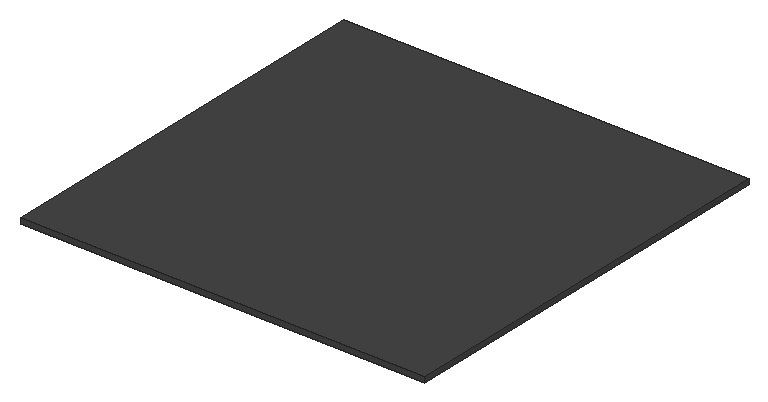
Revit family "Dachhalter Vlies", category HLS-Bauteile, Revit 2023
Family settings
  Bemaßung runder Anschluss = Durchmesser verwenden
  Klassifizierung = Keine
  Teiletyp = Normal
  Arbeitsebenenbasiert = Ja
  Immer vertikal = Nein
  Beim Laden mit Abzugskörper schneiden = Nein
  Beschriftungsausrichtung beibehalten = Nein
  Gemeinsam genutzt = Ja
  Raumberechnungspunkt = Nein
Parameters (values of type "Dachhalter Vlies 270")
  vpe = "1"
  passend für = "Dachhalter 45"
  max. Temperaturbeständigkeit = "220 °C"
  Default Elevation = 1219.2 mm
  Stärke = 3.5 mm
  Regelhalter [instance] = ""
  Mengeneinheit = "St"
  Materialname = "Polyester"
  Material = "Kunststoff"
  Länge = 270 mm
  Kurztext2 = "270 x 270 x 3,5 mm Polyester weiß"
  Kurztext1 = "Trennvlies 45"
  Gewicht pro Bauteil = Gewicht  # 0.031 kg
  Gewicht = 0.031 kg
  Farbe = "Weiß"
  Fabrikat = "MEFA"
  EAN = "4250928449320"
  Breite = 270 mm
  Baustoffklasse = "B1"
  Artikelnummer = "0819759701"
Types (4, lengths in mm): name | passend für | max. Temperaturbeständigkeit | Materialname | Länge | Kurztext2 | Kurztext1 | Gewicht pro Bauteil | Gewicht | Farbe | EAN | Breite | Baustoffklasse | Artikelnummer
  (no name) | "BIG FOOT® 400 und Dachhalter XL 80" | "" | "" | 270 | "600 x 600 x 3,5 mm weiß" | "Trennvlies 600" | 0.089 kg | 0.089 kg | "Weiß" | "4250928469434" | 270 | "" | "08197618"
  Dachhalter Vlies 600 | "BIG FOOT® 400 und Dachhalter XL 80" | "" | "" | 600 | "600 x 600 x 3,5 mm weiß" | "Trennvlies 600" | 0.089 kg | 0.089 kg | "Weiß" | "4250928469434" | 600 | "" | "08197618"
  Dachhalter Vlies 305 | "BIG FOOT® 305" | "" | "Polyester" | 345 | "345 x 345 x 3,5 mm Polyester schwarz" | "Trennvlies BIG FOOT® 305" | 0.03 kg | 0.03 kg | "Schwarz" | "4250928455604" | 345 | "" | "08197603"
  Dachhalter Vlies 270 | "Dachhalter 45" | "220 °C" | "Polyester" | 270 | "270 x 270 x 3,5 mm Polyester weiß" | "Trennvlies 45" | 0.031 kg | 0.031 kg | "Weiß" | "4250928449320" | 270 | "B1" | "0819759701"
Reference planes
  plane 1 "Mitte (Vorne/hinten)": y = 0
  plane 2: z = 0
  plane 3 "Mitte (Links/rechts)": x = 0
Forms (mm)
  Extrusion 1, solid, material "Vlies"
    sketch origin (0, 0, 0) x (1, 0, 0) y (0, 1, 0)
      loop
        line (-135, 135) -> (-135, -135) -> (135, -135) -> (135, 135) -> (-135, 135)
    from 0 to 3.5
Dimensions and locks
  equal spacing: Extrusion 1 sketch curve, plane 3 "Mitte (Links/rechts)", Extrusion 1 sketch curve
  equal spacing: Extrusion 1 sketch curve, plane 1 "Mitte (Vorne/hinten)", Extrusion 1 sketch curve
  "Breite": Extrusion 1 sketch curve to Extrusion 1 sketch curve
  "Länge": Extrusion 1 sketch curve to Extrusion 1 sketch curve
  aligned and locked: level to plane 2
